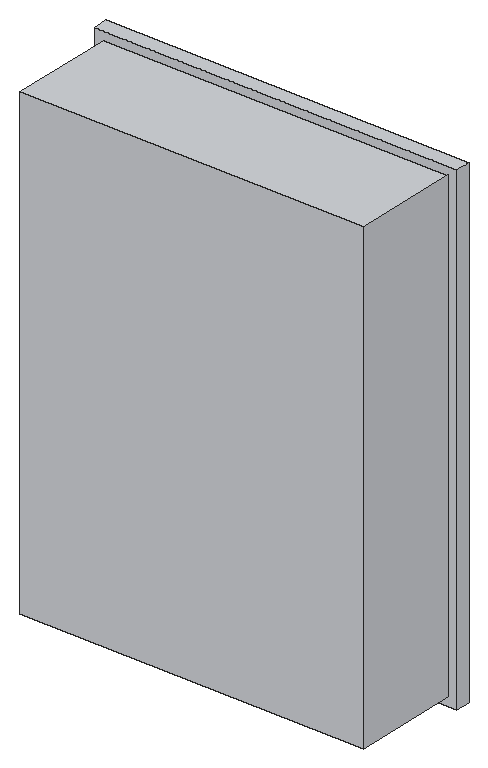
Revit family "Delta Bisentral Quad", category Electrical Equipment, Revit 2013
Parameters
  Width 2 = Width - 20 mm  # 360 mm
  Width = 380 mm
  Up [instance] = yes
  Symbol Positive Direction [instance] = yes
  Symbol Offset Side [instance] = 0 mm
  Reference Line Out [instance] = 50 mm
  Symbol Offset Out [instance] = 0 mm
  Material = none
  Height 1 = Height - 18 mm  # 490 mm
  Height = 508 mm
  Down [instance] = not(Up)  # no
  Depth = 110 mm
Reference planes
  plane 1 "Center (Front/Back)": y = 0
  plane 2: z = 0
  plane 3 "Center (Left/Right)": x = 0
  plane 4: y = 15
  plane 5: y = -110
  plane 6: x = -190
  plane 7: x = 190
  plane 8: x = -180
  plane 9: x = 180
  plane 10: z = 254
  plane 11: z = -254
  plane 12: z = 245
  plane 13: z = -245
Forms (mm)
  Extrusion 1, solid, material <- "Material"
    sketch origin (0, 0, 0) x (1, 0, 0) y (0, 1, 0)
      loop
        line (-190, 15) -> (-190, 0) -> (190, 0) -> (190, 15) -> (-190, 15)
    from -254 to 254
  Extrusion 2, solid, material <- "Material"
    sketch origin (0, 0, 0) x (1, 0, 0) y (0, 0, 1)
      loop
        line (-180, 245) -> (-180, -245) -> (180, -245) -> (180, 245) -> (-180, 245)
    from 0 to 110
Lines and regions (mm)
  model lines, style "InvisibleLines"
    curve 1: line (0, 0, 0) -> (0, 50, 0)
Dimensions and locks
  equal spacing: plane 6, plane 3 "Center (Left/Right)", plane 7
  locked: plane 4 to plane 1 "Center (Front/Back)" at 15
  "Width": plane 6 to plane 7
  equal spacing: plane 8, plane 3 "Center (Left/Right)", plane 9
  "Width 2": plane 8 to plane 9
  equal spacing: plane 10, plane 2, plane 11
  "Height": plane 10 to plane 11
  equal spacing: plane 12, plane 2, plane 13
  "Height 1": plane 12 to plane 13
  "Depth": plane 5 to plane 1 "Center (Front/Back)"
  "Reference Line Out": plane 1 "Center (Front/Back)" to curve 1
  aligned and locked: level to plane 2
  aligned and locked: Extrusion 1 sketch curve to plane 4
  aligned and locked: plane 6 to Extrusion 1 sketch curve
  aligned and locked: Extrusion 1 sketch curve to plane 1 "Center (Front/Back)"
  aligned and locked: Extrusion 1 sketch curve to plane 7
  aligned and locked: plane 10 to Extrusion 1
  aligned and locked: Extrusion 1 to plane 11
  aligned and locked: Extrusion 2 sketch curve to plane 12
  aligned and locked: plane 8 to Extrusion 2 sketch curve
  aligned and locked: plane 13 to Extrusion 2 sketch curve
  aligned and locked: Extrusion 2 sketch curve to plane 9
  aligned and locked: Extrusion 2 to plane 5
  aligned and locked: plane 3 "Center (Left/Right)" to curve 1
  aligned and locked: plane 1 "Center (Front/Back)" to curve 1
  aligned and locked: plane 3 "Center (Left/Right)" to nested 1
  aligned and locked: plane 1 "Center (Front/Back)" to nested 1
  aligned and locked: plane 3 "Center (Left/Right)" to nested 2
  aligned and locked: plane 1 "Center (Front/Back)" to nested 2
Nested families
  nested 1: "Sentral S up" at (0, 0, 0), visible <- "Up", type "Type 1"
  nested 2: "Sentral S down" at (0, 0, 0), visible <- "Down", type "Type 1"
Connectors
  electrical at (0, 0, 0)
    settings: index 1, voltage 0 V, apparent load 0 VA, apparent load phase1 0 VA, apparent load phase2 0 VA, apparent load phase3 0 VA, power factor 1, load classification "Other", number of poles 1, system type 11, power factor state 1, is connector primary yes, connector utility no, sub classification motor no, connector description ""
Definition of nested family "Sentral S up"
  Parameters (values of type "Type 1")
    CQ Symbol Positive Direction = yes
    CQ Symbol Negative Direction = not(CQ Symbol Positive Direction)  # no
    CQ Symbol Offset Side = 0 mm
    CQ Symbol Offset Out = 0 mm
  Reference planes
    plane 1: y = 0
    plane 2: x = 0
  Dimensions and locks
    "CQ Symbol Offset Side": nested 2 to plane 2
    "CQ Symbol Offset Side": plane 2 to nested 1
    "CQ Symbol Offset Out": plane 1 to nested 1
    "CQ Symbol Offset Out": plane 1 to nested 2
  Nested families
    nested 1: "SentralSub" at (0, 0, 0), visible <- "CQ Symbol Positive Direction", type "Type 1"
    nested 2: "SentralSub" at (0, 0, 0), visible <- "CQ Symbol Negative Direction", type "Type 1"
  Definition of nested family "SentralSub"
    Reference planes
      plane 1: y = 0
      plane 2: x = 0
    Lines and regions (mm)
      detail lines
        curve 1: line (-4, 0, 0) -> (4, 0, 0)
        curve 2: line (4, 0, 0) -> (4, 4, 0)
        curve 3: line (4, 4, 0) -> (-4, 4, 0)
        curve 4: line (-4, 4, 0) -> (-4, 0, 0)
        curve 5: line (-3, 1.126, 0) -> (-2.75, 3.376, 0)
        curve 6: arc (-2.75, 3.376, 0) -> (-3, 3.626, 0) -> (-3.25, 3.376, 0) r 0.25
        curve 7: line (-3.25, 3.376, 0) -> (-3, 1.126, 0)
        curve 8: line (-3, 2.376, 0) -> (-3, 3.376, 0)
        curve 9: circle (-3, 0.649, 0) r 0.25 normal (0, 0, 1)
        curve 10: line (0, 4, 0) -> (0, 0, 0)
    Text (mm)
      text "S" at (2.157, 3.028, 0)
Definition of nested family "Sentral S down"
  Parameters (values of type "Type 1")
    CQ Symbol Positive Direction = yes
    CQ Symbol Negative Direction = not(CQ Symbol Positive Direction)  # no
    CQ Symbol Offset Side = 0 mm
    CQ Symbol Offset Out = 0 mm
  Reference planes
    plane 1: y = 0
    plane 2: x = 0
  Dimensions and locks
    "CQ Symbol Offset Out": plane 1 to nested 1
    "CQ Symbol Offset Out": plane 1 to nested 2
    "CQ Symbol Offset Side": plane 2 to nested 2
    "CQ Symbol Offset Side": nested 1 to plane 2
  Nested families
    nested 1: "SentralSub" at (0, 0, 0), visible <- "CQ Symbol Negative Direction", type "Type 1"
    nested 2: "SentralSub" at (0, 0, 0), visible <- "CQ Symbol Positive Direction", type "Type 1"
  Definition of nested family "SentralSub"
    Reference planes
      plane 1: y = 0
      plane 2: x = 0
    Lines and regions (mm)
      detail lines
        curve 1: line (-4, 4, 0) -> (4, 4, 0)
        curve 2: line (4, 4, 0) -> (4, 0, 0)
        curve 3: line (4, 0, 0) -> (-4, 0, 0)
        curve 4: line (-4, 0, 0) -> (-4, 4, 0)
        curve 5: line (3, 2.874, 0) -> (2.75, 0.624, 0)
        curve 6: arc (2.75, 0.624, 0) -> (3, 0.374, 0) -> (3.25, 0.624, 0) r 0.25
        curve 7: line (3.25, 0.624, 0) -> (3, 2.874, 0)
        curve 8: line (3, 1.624, 0) -> (3, 0.624, 0)
        curve 9: circle (3, 3.351, 0) r 0.25 normal (0, 0, 1)
        curve 10: line (0, 0, 0) -> (0, 4, 0)
    Text (mm)
      text "S" at (-3.171, 0.972, 0)
